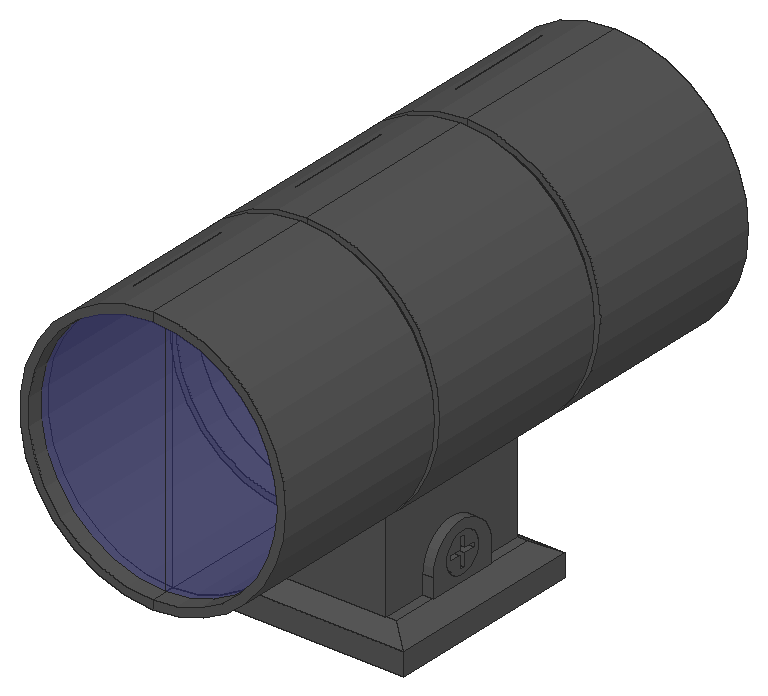
Revit family "CARLO CYLINDER LIGHT WALL MOUNT", category Lighting Fixtures, host Face, Revit 2020 (continued)
Types (10): name | Wattage_Input | Wattage Comments | Wattage | Photometric Web File | built-in parameter 1150142 | Model | built-in parameter 1150105 | Lumens | Light Length 1 | LIGHT RADIUS | LIGHT PLACEMENT | LIGHT LENGTH | LIGHT DIA | built-in parameter 1150106 | FIXED END HEIGHT | Curve base Height | Base Curve | BEAMING ANGLE | Apparent Load
    9 446.96 442.88 436.42 424.42 407.74 385.5 \r\n 359.84 332.67 303.87 273.71 242.9 212.09 181.62 151.95 123.43 95.715 \r\n 71.315 52.846 39.608 32.849 29.343 26.046 23.651 21.863 20.605 19.775 \r\n 19.148 18.433 17.719 16.99 16.277 15.609 14.974 14.377 13.797 13.201 \r\n 12.627 12.112 11.619 11.118 10.629 10.162 9.7086 9.2604 8.8224 8.3997 \r\n 7.9839 7.5636 7.1528 6.7665 6.3903 6.0085 5.6403 5.3088 4.9859 4.6398 \r\n 4.3047 4.0136 3.7378 3.4521 3.1789 2.9396 2.713 2.4785 2.2558 2.0618 \r\n 1.8844 1.7138 1.5608 1.4357 1.33 1.2347 1.1613 1.1226 1.106 1.0984 \r\n 1.1141 1.1678 1.2449 1.3435 1.4401 1.504 1.5545 1.6109 1.6426 1.6118 \r\n 1.5601 1.5357 1.4863 1.3522 1.2027 1.107 1.0052 0.84115 0.67349 0.55528 \r\n 0.44672 0.3131 0.19228 0.1184 0.067865 0.026287 0.00023275 0 0 0 \r\n 0.000073 0 0.0085908 0.046628 0.10182 0.16553 0.24753 0.36611 0.48711 0.56068 \r\n 0.65218 0.84517 1.0352 1.1052 1.1765 1.3788 1.5691 1.6072 1.6134 1.6932 \r\n 1.7566 1.7275 1.6691 1.6319 1.578 1.4686 1.3569 1.289 1.247 1.2277 \r\n 1.2328 1.2648 1.3187 1.3892 1.4798 1.593 1.7271 1.8833 2.0566 2.2408 \r\n 2.4408 2.6622 2.8961 3.1336 3.3801 3.6384 3.9072 4.1813 4.4746 4.8088 \r\n 5.1559 5.4868 5.8258 6.1927 6.5717 6.9496 7.3377 7.7444 8.1647 8.5978 \r\n 9.0392 9.4822 9.9327 10.393 10.867 11.362 11.867 12.36 12.872 13.434 \r\n 14.027 14.658 15.289 15.85 16.446 17.187 17.991 18.832 19.659 20.283 \r\n 21.102 22.401 24.336 27.077 30.867 34.415 42.491 61.592 85.25 108.15 \r\n 133.33 162.85 194.26 225.84 257.42 288.25 318.26 347.57 374.82 398.89 \r\n 419.27 435.04 446.35 451.96 455.15 459 462.85 467.39 471.68 474.74 \r\n 477.47 480.51 483.68 486.95 490.42 494.15 498.21 502.59 507.65 513.67 \r\n 520.89 529.54 539.94 552.37 567.23 584.65 605.73 631.63 662.27 698.15 \r\n 738.66 783.77 832.22 882.55 935.32 991.02 1048.4 1106.3 1164.5 1221.9 \r\n 1278.7 1334.5 1389.4 1443.4 1497 1551.3 1605.1 1657.7 1709.1 1759.3 \r\n 1808.6 1857 1905.2 1953.8 2002.2 2050.2 2096.8 2140.9 2182.2 2219.9 \r\n 2254.6 2286.9 2316.1 2341.3 2363.1 2381.9 2397.1 2408 2415.7 2421.1 \r\n 2424.3 2426 2426.6 2426.8 2426.6 2426.3 2425.5 2424.1 2422.3 2420.7 \r\n 2421.2 \r\n2410.7 2417.5 2417 2416.7 2416.1 2414.6 2412.8 2411.6 2409.8 2406.5 \r\n 2401.3 2393.7 2383 2368.5 2350.3 2328 2302.2 2273.3 2241.1 2205.6 \r\n 2167.2 2126.1 2082.7 2037 1990.3 1943.8 1897.3 1852 1806 1757.6 \r\n 1708 1658 1606.7 1553.4 1498.7 1442.6 1385.7 1329 1271.3 1211.2 \r\n 1150.4 1090.3 1031.7 976.47 923.44 871.86 822.63 776.38 733.16 692.9 \r\n 656.61 625.43 598.97 577.66 560.17 545.37 533.04 522.63 513.96 506.73 \r\n 500.72 495.7 491.38 487.37 483.7 480.31 477.1 473.98 470.92 467.98 \r\n 464.8 460.97 456.69 451.9 446.86 442.87 436.69 425.33 409.37 387.7 \r\n 362.45 335.39 306.55 276.28 245.33 214.59 184.03 153.51 124.23 96.818 \r\n 72.779 53.821 39.952 32.869 29.21 26.021 23.779 21.947 20.608 19.757 \r\n 19.13 18.448 17.764 17.017 16.277 15.604 14.969 14.37 13.787 13.189 \r\n 12.612 12.095 11.602 11.103 10.615 10.15 9.6974 9.2504 8.8145 8.3968 \r\n 7.9857 7.5663 7.156 6.773 6.4002 6.0196 5.6512 5.3185 4.9933 4.6431 \r\n 4.3047 4.0158 3.7417 3.4501 3.171 2.933 2.7086 2.4719 2.2468 2.0536 \r\n 1.8774 1.7059 1.551 1.4228 1.3138 1.2153 1.1406 1.1052 1.0943 1.0948 \r\n 1.1169 1.1692 1.2438 1.3453 1.445 1.508 1.5582 1.6203 1.6557 1.6154 \r\n 1.5554 1.5389 1.4977 1.3565 1.2003 1.1142 1.022 0.85158 0.67636 0.5632 \r\n 0.45964 0.31941 0.19082 0.11643 0.067254 0.025938 0.000059 0 0 0 \r\n 0.000092 0 0.011569 0.054481 0.1148 0.18228 0.26553 0.37852 0.4949 0.57515 \r\n 0.67273 0.85825 1.0408 1.1176 1.1945 1.3852 1.563 1.6052 1.6147 1.6803 \r\n 1.729 1.7018 1.6465 1.5991 1.5357 1.4302 1.3255 1.2599 1.2221 1.2154 \r\n 1.2343 1.2749 1.3354 1.4117 1.5066 1.6219 1.7575 1.9157 2.091 2.2768 \r\n 2.4779 2.6994 2.9341 3.1759 3.4265 3.6839 3.9521 4.2324 4.5313 4.8612 \r\n 5.2048 5.5452 5.893 6.2528 6.6251 7.0135 7.4124 7.8126 8.228 8.6776 \r\n 9.1363 9.5775 10.025 10.495 10.98 11.478 11.983 12.478 12.994 13.557 \r\n 14.152 14.786 15.419 15.975 16.572 17.336 18.168 19.021 19.859 20.487 \r\n 21.343 22.75 24.865 27.858 32.002 35.99 44.739 65.227 89.97 112.38 \r\n 136.76 166.23 197.76 229.47 261.08 291.6 321.31 350.77 378.13 401.77 \r\n 421.49 436.38 446.94 452.35 455.57 459.47 463.37 467.76 471.93 475.05 \r\n 477.88 480.95 484.14 487.42 490.92 494.69 498.8 503.23 508.38 514.58 \r\n 522.01 530.81 541.4 554.11 569.29 587.02 608.48 634.97 666.23 702.59 \r\n 743.51 788.98 837.79 888.53 941.7 997.77 1055.4 1113.5 1171.7 1229.2 \r\n 1285.9 1341.4 1396 1449.7 1503.1 1557.4 1611.1 1663.1 1714.2 1764.5 \r\n 1813.9 1862.1 1910.1 1959.2 2008.2 2056.7 2103.4 2147.2 2188.1 2225.6 \r\n 2260 2291.8 2320.4 2345.1 2366.4 2384.6 2399.3 2409.9 2417.4 2422.4 \r\n 2425.4 2426.6 2426.9 2427 2426.7 2426.3 2425.6 2424.1 2422.3 2420.6 \r\n 2421.2 \r\n2410.7 2417.4 2416.9 2416.7 2416.1 2414.3 2412.3 2411.1 2409.4 2406.2 \r\n 2401.1 2393.7 2383.3 2369.1 2351.2 2329.2 2303.7 2274.9 2242.8 2207.2 \r\n 2168.7 2127.6 2084.3 2038.6 1991.7 1945 1898.4 1853 1807.1 1758.8 \r\n 1709.4 1659.8 1608.8 1555.6 1500.8 1444.9 1388.1 1331.5 1273.9 1213.7 \r\n 1152.9 1092.7 1034.1 978.67 925.47 873.7 824.28 777.8 734.36 693.92 \r\n 657.47 626.11 599.48 578.01 560.37 545.47 533.06 522.58 513.85 506.55 \r\n 500.48 495.41 491.05 487.01 483.33 479.93 476.72 473.6 470.53 467.56 \r\n 464.39 460.75 456.62 451.74 446.6 442.67 436.73 425.97 410.67 389.42 \r\n 364.45 337.49 308.61 278.14 246.96 216.11 185.39 154.42 124.75 97.49 \r\n 73.614 54.332 40.065 32.786 29.05 25.959 23.838 21.97 20.572 19.722 \r\n 19.113 18.452 17.781 17.016 16.254 15.58 14.952 14.361 13.785 13.188 \r\n 12.612 12.097 11.607 11.112 10.627 10.159 9.7035 9.2591 8.8261 8.4069 \r\n 7.9941 7.5761 7.1679 6.7859 6.4136 6.0331 5.6645 5.331 5.0043 4.6504 \r\n 4.3093 4.0231 3.7515 3.4561 3.1731 2.9367 2.7143 2.4755 2.2484 2.0573 \r\n 1.8834 1.7112 1.5549 1.4264 1.3171 1.218 1.1428 1.1068 1.0961 1.0995 \r\n 1.1241 1.175 1.2479 1.3513 1.4525 1.5119 1.5592 1.6266 1.6669 1.622 \r\n 1.558 1.5475 1.5123 1.3665 1.2054 1.1239 1.0368 0.86402 0.68525 0.57224 \r\n 0.46914 0.32737 0.19681 0.12091 0.070284 0.027298 0.00011366 0 0 0 \r\n 0.000082 0 0.012573 0.061944 0.12887 0.1988 0.28179 0.38933 0.50256 0.59393 \r\n 0.70106 0.87607 1.048 1.136 1.2223 1.3967 1.5567 1.6024 1.616 1.6677 \r\n 1.7014 1.6728 1.6173 1.5594 1.4874 1.3867 1.2912 1.2325 1.2023 1.2054 \r\n 1.2341 1.2825 1.3501 1.4337 1.5355 1.656 1.7961 1.9586 2.1382 2.3288 \r\n 2.5343 2.7587 2.9963 3.2438 3.4996 3.7583 4.0284 4.3173 4.6234 4.9496 \r\n 5.2897 5.6389 5.9956 6.3527 6.7221 7.1189 7.5262 7.9239 8.3365 8.7935 \r\n 9.2599 9.6996 10.145 10.624 11.117 11.612 12.113 12.614 13.134 13.698 \r\n 14.292 14.925 15.56 16.123 16.731 17.516 18.362 19.199 20.031 20.694 \r\n 21.617 23.125 25.354 28.38 32.703 37.32 46.814 67.929 93.186 115.89 \r\n 140.43 169.98 201.53 233.2 264.75 295.21 324.85 354.34 381.6 404.8 \r\n 423.88 437.89 447.68 452.91 456.17 460.21 464.21 468.38 472.3 475.42 \r\n 478.31 481.4 484.59 487.91 491.44 495.27 499.47 504.01 509.3 515.68 \r\n 523.32 532.36 543.23 556.27 571.86 590.08 612.13 639.31 671.29 708.37 \r\n 749.95 795.88 845.11 896.42 950.12 1006.6 1064.5 1122.7 1180.9 1238.4 \r\n 1295.1 1350.4 1404.7 1458.2 1511.4 1565.3 1618.7 1670.5 1721.3 1771.4 \r\n 1820.7 1869 1917.1 1966.5 2015.8 2064.4 2111.2 2154.6 2195 2232.2 \r\n 2266.4 2297.7 2325.6 2349.6 2370.1 2387.6 2401.6 2411.8 2419 2423.6 \r\n 2426.2 2427.1 2427.2 2427.1 2426.8 2426.3 2425.4 2423.9 2422.2 2420.5 \r\n 2421.2 \r\n2410.7 2417.4 2416.8 2416.5 2415.9 2414.1 2412 2410.7 2408.9 2405.9 \r\n 2401 2393.8 2383.7 2369.6 2351.8 2329.9 2304.4 2275.8 2243.8 2208.2 \r\n 2169.6 2128.5 2085.1 2039.3 1992.4 1945.4 1898.6 1853 1806.9 1758.9 \r\n 1709.7 1660.3 1609.6 1556.5 1501.9 1446 1389.2 1332.7 1275.1 1215.1 \r\n 1154.4 1094.2 1035.4 979.68 926.19 874.33 824.81 778.03 734.32 693.86 \r\n 657.46 626.07 599.4 577.89 560.22 545.35 532.95 522.41 513.61 506.3 \r\n 500.22 495.09 490.67 486.62 482.94 479.51 476.27 473.13 470.05 467.04 \r\n 463.86 460.36 456.37 451.41 446.18 442.28 436.54 426.34 411.62 390.65 \r\n 365.82 338.95 310.03 279.31 247.79 216.66 185.72 154.71 125.05 97.763 \r\n 73.826 54.387 39.964 32.615 28.868 25.86 23.823 21.934 20.5 19.674 \r\n 19.097 18.444 17.771 16.987 16.208 15.539 14.925 14.351 13.792 13.201 \r\n 12.626 12.117 11.633 11.145 10.663 10.189 9.7266 9.2862 8.8568 8.4295 \r\n 8.0084 7.5926 7.188 6.8045 6.4297 6.0486 5.6797 5.346 5.0185 4.6619 \r\n 4.3189 4.0356 3.767 3.4702 3.1855 2.9509 2.7303 2.4894 2.2607 2.0727 \r\n 1.9023 1.7296 1.5726 1.4464 1.3398 1.2427 1.1676 1.1273 1.1114 1.1121 \r\n 1.135 1.1847 1.257 1.3613 1.4622 1.5155 1.5579 1.6296 1.6758 1.6319 \r\n 1.5683 1.5616 1.5294 1.3821 1.2185 1.1361 1.0489 0.87811 0.70032 0.58251 \r\n 0.47517 0.33701 0.21034 0.13198 0.077123 0.030455 0.0003917 0 0 0 \r\n 0.000044 0 0.011829 0.069025 0.14377 0.21469 0.29598 0.39886 0.5109 0.61695 \r\n 0.73636 0.8988 1.0581 1.1603 1.2588 1.4136 1.5514 1.5992 1.617 1.656 \r\n 1.6752 1.6417 1.5825 1.5142 1.4351 1.34 1.255 1.2078 1.1885 1.1982 \r\n 1.2324 1.2874 1.3623 1.4546 1.5652 1.6939 1.8416 2.0107 2.1968 2.3952 \r\n 2.6083 2.8382 3.0811 3.335 3.597 3.8593 4.1338 4.4331 4.7478 5.0713 \r\n 5.4082 5.7649 6.1302 6.4892 6.8599 7.2627 7.6758 8.0751 8.4873 8.9422 \r\n 9.4063 9.8448 10.291 10.776 11.273 11.76 12.255 12.761 13.289 13.853 \r\n 14.444 15.072 15.707 16.289 16.92 17.721 18.57 19.365 20.172 20.907 \r\n 21.927 23.533 25.815 28.662 32.987 38.408 48.709 69.706 94.915 118.68 \r\n 144.33 174.12 205.59 237.07 268.44 299.1 328.94 358.3 385.25 407.99 \r\n 426.45 439.6 448.63 453.65 456.95 461.21 465.36 469.23 472.8 475.85 \r\n 478.75 481.83 485.04 488.39 491.99 495.89 500.21 504.92 510.41 516.96 \r\n 524.81 534.17 545.41 558.84 574.91 593.82 616.64 644.62 677.45 715.48 \r\n 757.93 804.43 854.17 906.18 960.53 1017.4 1075.5 1133.8 1192 1249.5 \r\n 1306.1 1361.3 1415.5 1468.9 1521.9 1575.2 1628.1 1679.8 1730.6 1780.1 \r\n 1829 1877.6 1926.2 1975.6 2024.9 2073.5 2120.1 2163 2202.7 2239.7 \r\n 2273.7 2304.4 2331.6 2354.7 2374.2 2390.8 2404.1 2413.8 2420.5 2424.6 \r\n 2426.7 2427.5 2427.4 2427.2 2426.7 2426 2425.1 2423.6 2421.8 2420.2 \r\n 2421.2 \r\n2410.7 2417.3 2416.7 2416.4 2415.7 2413.8 2411.7 2410.3 2408.5 2405.6 \r\n 2401 2394.1 2384.1 2370.2 2352.6 2330.8 2305.4 2277 2245.2 2209.5 \r\n 2170.9 2129.8 2086.3 2040.5 1993.5 1946.2 1899.1 1853.3 1807.2 1759.3 \r\n 1710.4 1661.2 1610.7 1557.9 1503.4 1447.5 1390.7 1334.3 1276.8 1217 \r\n 1156.4 1096.2 1037.3 981.24 927.39 875.41 825.76 778.64 734.61 694.11 \r\n 657.73 626.27 599.52 577.94 560.23 545.36 532.97 522.35 513.47 506.14 \r\n 500.04 494.85 490.37 486.3 482.6 479.14 475.86 472.71 469.62 466.55 \r\n 463.37 459.99 456.11 451.09 445.8 441.92 436.36 426.74 412.63 391.95 \r\n 367.29 340.56 311.64 280.67 248.84 217.41 186.26 155.31 125.76 98.374 \r\n 74.28 54.669 40.08 32.595 28.769 25.812 23.845 21.923 20.448 19.64 \r\n 19.092 18.441 17.762 16.961 16.169 15.506 14.905 14.349 13.807 13.221 \r\n 12.649 12.145 11.666 11.184 10.707 10.226 9.757 9.3205 8.8945 8.458 \r\n 8.0275 7.6141 7.2136 6.8274 6.4491 6.0676 5.6988 5.3647 5.0366 4.6782 \r\n 4.3341 4.0526 3.786 3.4887 3.2033 2.97 2.7504 2.5078 2.2777 2.0923 \r\n 1.9246 1.7514 1.5939 1.4701 1.3665 1.2719 1.197 1.151 1.1282 1.1246 \r\n 1.1447 1.1932 1.2652 1.3696 1.4696 1.5174 1.5555 1.6307 1.6825 1.6422 \r\n 1.5812 1.5762 1.5451 1.3989 1.2353 1.1495 1.0597 0.89288 0.7184 0.59467 \r\n 0.48173 0.3482 0.22662 0.14547 0.085601 0.034379 0.00069698 0 0 0 \r\n 0.000011 0 0.011655 0.076429 0.15861 0.2301 0.30953 0.40838 0.51997 0.64104 \r\n 0.77284 0.92251 1.069 1.1858 1.2967 1.4307 1.5452 1.5951 1.6172 1.6437 \r\n 1.6483 1.6091 1.5456 1.4676 1.3822 1.2935 1.2199 1.185 1.1772 1.1926 \r\n 1.2312 1.2922 1.3739 1.4749 1.5945 1.7315 1.887 2.0628 2.2556 2.4622 \r\n 2.6832 2.919 3.1673 3.4276 3.6956 3.9621 4.2417 4.5512 4.8744 5.1956 \r\n 5.5297 5.8932 6.2666 6.6285 7.0016 7.4094 7.8272 8.2291 8.6416 9.0921 \r\n 9.5515 9.9893 10.437 10.926 11.426 11.906 12.394 12.907 13.443 14.006 \r\n 14.595 15.216 15.851 16.456 17.112 17.929 18.779 19.527 20.312 21.138 \r\n 22.281 24.008 26.355 28.99 33.292 39.574 50.703 71.405 96.415 121.38 \r\n 148.3 178.33 209.68 240.91 272.09 302.96 333.01 362.19 388.77 411.04 \r\n 428.91 441.21 449.52 454.36 457.73 462.22 466.54 470.1 473.3 476.27 \r\n 479.19 482.26 485.48 488.87 492.53 496.52 500.94 505.84 511.53 518.25 \r\n 526.32 536.01 547.64 561.47 578.04 597.66 621.29 650.09 683.78 722.77 \r\n 766.12 813.2 863.44 916.16 971.16 1028.4 1086.7 1145.1 1203.2 1260.7 \r\n 1317.3 1372.4 1426.6 1479.9 1532.7 1585.4 1637.7 1689.5 1740.2 1789.2 \r\n 1837.6 1886.5 1935.6 1985 2034 2082.6 2129 2171.2 2210.3 2247.1 \r\n 2280.8 2311 2337.5 2359.6 2378.2 2393.9 2406.4 2415.6 2421.9 2425.4 \r\n 2427 2427.7 2427.6 2427.2 2426.5 2425.7 2424.7 2423.2 2421.5 2419.9 \r\n 2421.2 \r\n2410.7 2417.3 2416.7 2416.3 2415.5 2413.7 2411.6 2410.1 2408.2 2405.4 \r\n 2401 2394.4 2384.7 2371.1 2353.6 2331.9 2306.7 2278.5 2246.9 2211.4 \r\n 2172.8 2131.7 2088.2 2042.4 1995.3 1947.8 1900.4 1854.4 1808.2 1760.4 \r\n 1711.7 1662.7 1612.4 1559.9 1505.7 1449.8 1393.1 1336.8 1279.5 1219.8 \r\n 1159.5 1099.2 1040.2 983.77 929.54 877.35 827.51 780.01 735.63 695.01 \r\n 658.57 626.97 600.07 578.36 560.54 545.63 533.19 522.47 513.49 506.12 \r\n 499.98 494.71 490.16 486.07 482.36 478.85 475.53 472.36 469.25 466.15 \r\n 462.94 459.67 455.9 450.84 445.52 441.64 436.26 427.23 413.77 393.46 \r\n 369.03 342.48 313.61 282.45 250.34 218.64 187.32 156.49 127.06 99.517 \r\n 75.177 55.343 40.525 32.79 28.78 25.837 23.924 21.957 20.43 19.631 \r\n 19.101 18.448 17.759 16.946 16.145 15.487 14.898 14.358 13.829 13.247 \r\n 12.677 12.176 11.702 11.227 10.754 10.267 9.7921 9.3594 8.9363 8.4905 \r\n 8.0508 7.6402 7.2437 6.8539 6.4713 6.09 5.7222 5.3874 5.0584 4.6996 \r\n 4.3553 4.0741 3.808 3.5109 3.2256 2.9927 2.7732 2.5292 2.2981 2.1142 \r\n 1.9482 1.7744 1.6165 1.4947 1.3935 1.3013 1.2265 1.1742 1.1437 1.1349 \r\n 1.1515 1.199 1.2709 1.3746 1.4733 1.5172 1.5525 1.6305 1.6871 1.6524 \r\n 1.5958 1.5902 1.5581 1.4158 1.255 1.1636 1.0689 0.90782 0.73887 0.60898 \r\n 0.4897 0.3609 0.2446 0.16055 0.095349 0.038898 0.00098107 0 0 0 \r\n 0 0 0.01276 0.084323 0.17298 0.24477 0.32252 0.41841 0.53038 0.66543 \r\n 0.80856 0.94642 1.0811 1.2115 1.3335 1.4471 1.5387 1.5901 1.6162 1.6306 \r\n 1.6213 1.5761 1.5082 1.4215 1.3311 1.2494 1.1874 1.165 1.1683 1.189 \r\n 1.2313 1.2973 1.3852 1.4942 1.6223 1.7671 1.9298 2.1119 2.3109 2.5253 \r\n 2.7539 2.9954 3.2489 3.5148 3.7884 4.0593 4.344 4.663 4.9939 5.3134 \r\n 5.6454 6.0147 6.3952 6.7606 7.1364 7.5485 7.9702 8.3751 8.7882 9.2334 \r\n 9.6871 10.125 10.574 11.068 11.569 12.042 12.523 13.043 13.588 14.151 \r\n 14.738 15.352 15.986 16.616 17.3 18.132 18.983 19.686 20.457 21.392 \r\n 22.684 24.565 27.008 29.444 33.731 40.893 52.857 73.224 97.99 124.13 \r\n 152.31 182.55 213.74 244.72 275.69 306.76 336.98 365.92 392.09 413.88 \r\n 431.18 442.7 450.34 455.02 458.46 463.18 467.66 470.93 473.79 476.68 \r\n 479.6 482.66 485.89 489.33 493.05 497.12 501.66 506.74 512.64 519.53 \r\n 527.81 537.82 549.84 564.06 581.12 601.46 625.9 655.52 690.05 729.98 \r\n 774.19 821.81 872.55 925.97 981.59 1039.2 1097.7 1156.1 1214.2 1271.6 \r\n 1328.2 1383.3 1437.4 1490.7 1543.3 1595.5 1647.3 1699 1749.8 1798.2 \r\n 1846.2 1895.4 1944.9 1994.1 2042.9 2091.2 2137.3 2179 2217.5 2254 \r\n 2287.4 2317.2 2343 2364.3 2382 2396.8 2408.6 2417.2 2423.1 2426 \r\n 2427.2 2427.8 2427.6 2427.1 2426.3 2425.4 2424.2 2422.7 2421.1 2419.6 \r\n 2421.2 \r\n2410.7 2417.3 2416.6 2416.2 2415.4 2413.6 2411.5 2409.9 2407.9 2405.3 \r\n 2401.2 2394.8 2385.5 2372.1 2354.9 2333.5 2308.5 2280.7 2249.4 2214 \r\n 2175.5 2134.5 2091.2 2045.4 1998.2 1950.4 1902.8 1856.6 1810.3 1762.6 \r\n 1714.2 1665.3 1615.1 1562.9 1509 1453.4 1396.8 1340.6 1283.4 1224.1 \r\n 1163.9 1103.7 1044.5 987.73 933.07 880.59 830.46 782.57 737.82 696.96 \r\n 660.3 628.43 601.26 579.32 561.3 546.25 533.7 522.84 513.73 506.28 \r\n 500.07 494.72 490.09 485.96 482.22 478.68 475.32 472.12 469 465.85 \r\n 462.63 459.44 455.75 450.7 445.38 441.5 436.27 427.88 415.12 395.26 \r\n 371.16 344.87 316.11 284.84 252.53 220.64 189.19 158.49 129.15 101.39 \r\n 76.722 56.572 41.413 33.268 28.93 25.952 24.082 22.054 20.464 19.654 \r\n 19.126 18.465 17.768 16.949 16.145 15.492 14.91 14.378 13.858 13.278 \r\n 12.709 12.21 11.737 11.268 10.799 10.309 9.8296 9.3999 8.9788 8.5251 \r\n 8.0777 7.6701 7.2774 6.8832 6.4958 6.1157 5.75 5.4141 
    5.0838 4.7262 \r\n 4.383 4.1001 3.8322 3.5358 3.2515 3.0179 2.7973 2.5525 2.3207 2.1367 \r\n 1.9707 1.7962 1.6379 1.517 1.417 1.3267 1.252 1.1932 1.155 1.1409 \r\n 1.1538 1.2007 1.2726 1.3749 1.472 1.5145 1.5496 1.629 1.6891 1.662 \r\n 1.6114 1.6024 1.5669 1.4317 1.277 1.1782 1.0762 0.92245 0.76113 0.62564 \r\n 0.49996 0.3751 0.26324 0.17637 0.10599 0.043842 0.0011955 0 0 0 \r\n 0 0 0.015853 0.092878 0.18649 0.25843 0.33501 0.42949 0.54277 0.68934 \r\n 0.84157 0.96976 1.0946 1.2362 1.3669 1.4616 1.5325 1.5846 1.6136 1.6169 \r\n 1.5947 1.544 1.4717 1.378 1.284 1.2097 1.1591 1.1482 1.1618 1.1875 \r\n 1.2332 1.3034 1.3961 1.512 1.6475 1.7986 1.9672 2.1546 2.359 2.58 \r\n 2.8151 3.0615 3.3195 3.5899 3.868 4.1432 4.4328 4.7596 5.0969 5.4156 \r\n 5.7463 6.1202 6.5065 6.8752 7.2539 7.6694 8.0943 8.5021 8.916 9.3561 \r\n 9.8048 10.243 10.694 11.191 11.695 12.161 12.637 13.165 13.718 14.282 \r\n 14.867 15.474 16.108 16.762 17.473 18.321 19.176 19.842 20.61 21.672 \r\n 23.137 25.217 27.807 30.105 34.42 42.444 55.23 75.365 99.944 127.08 \r\n 156.3 186.7 217.74 248.49 279.24 310.43 340.74 369.4 395.14 416.47 \r\n 433.22 444.01 451.04 455.59 459.1 464.02 468.64 471.67 474.22 477.05 \r\n 479.97 483.03 486.28 489.75 493.54 497.68 502.33 507.58 513.68 520.74 \r\n 529.22 539.54 551.92 566.52 584.05 605.07 630.29 660.69 696.04 736.82 \r\n 781.79 829.94 881.14 935.18 991.37 1049.2 1107.8 1166.3 1224.4 1281.8 \r\n 1338.4 1393.5 1447.6 1500.9 1553.4 1605.1 1656.4 1708.1 1759 1807 \r\n 1854.5 1904 1953.7 2002.7 2051 2099.1 2144.9 2185.9 2224 2260.2 \r\n 2293.4 2322.6 2347.9 2368.5 2385.4 2399.4 2410.5 2418.6 2424 2426.4 \r\n 2427.2 2427.7 2427.6 2427 2426.1 2425 2423.8 2422.3 2420.8 2419.3 \r\n 2421.2 \r\n" | "CCL6-13-35SPSW8-PC-40-WM-BK" | 2349.5 (stored number, unit not read) | 2900 lm | 0' - 4.33333" | 0' - 3" | 0' - 5 53/128" | 1' - 1" | 0' - 6" | 23.495 (stored number, unit not read) | 0' - 8 53/128" | 0' - 2 27/32" | 0' - 2 179/256" | 40.00° | 43.75 VA
